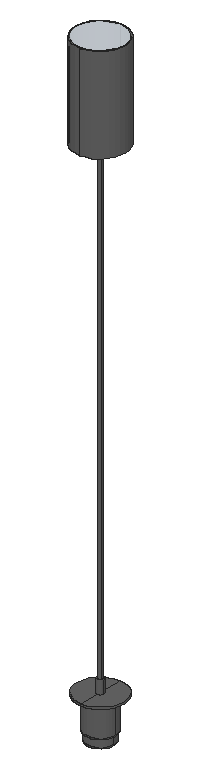
Revit family "LTC-6RDPH-CM", category Lighting Fixtures, host Face, Revit 2017
Family settings
  Host = Face
  Round Connector Dimension = Use Diameter
  Part Type = Normal
  OmniClass Number = 23.80.70.11.14.11
  OmniClass Title = Downlights
  Cut with Voids When Loaded = No
  Light Source = Yes
  Shared = No
  Room Calculation Point = No
Parameters (values of type "LTC-6RDPH-CMRMD")
  Wattage Comments = ""
  Wattage = 70 W
  Warranty = "• 5 year warranty\r\n• See HLI Standard Warranty for\r\nadditional information"  # constant formula
  built-in parameter 1150110 = 1 (stored number, unit not read)
  Voltage = 120 V
  built-in parameter 1114217 = 1 (stored number, unit not read)
  Tilt Angle = -90.00°  # constant formula
  built-in parameter 1150109 = 1 (stored number, unit not read)
  built-in parameter 1150134 = 3
  built-in parameter 1150113 = 1 (stored number, unit not read)
  RMD = yes
  Photometric Web File = "LTC-6RDPH-P-06L35K8MD-PM-S-BL.ies"
  Features = "• 6inch architectural LED downlight and wall wash cylinder delivering 600 - 2000 lm \r\n• Five beam distributions from 0.3 to 1.1 Spacing Criteria \r\n• Quiet reflector appearance with 50º optical cutoff\r\n• 2700K - 5000K, 80+ and 90+ CRI options \r\n• Available in Surface, Wall, Pendant, or Cable/Cord Mount configurations \r\n• Versatile canopy options for recessed and surface-mounted J-box applications \r\n• PowerHUBB™ enables low-voltage wired connectivity for Power over Ethernet (PoE) network system deployment\r\n"  # constant formula
  Cord Height = 72.000"
  built-in parameter 1150105 = 389.93 (stored number, unit not read)
  Lumens = 4900 lm
  built-in parameter 1150115 = 1 (stored number, unit not read)
  built-in parameter 1150137 = (empty or 0)
  built-in parameter 1150139 = (empty or 0)
  built-in parameter 1150112 = 1 (stored number, unit not read)
  built-in parameter 1150114 = 1 (stored number, unit not read)
  built-in parameter 1150132 = (empty or 0)
  built-in parameter 1150102 = (empty or 0)
  built-in parameter 1150107 = 3200 (stored number, unit not read)
  built-in parameter 1150138 = (empty or 0)
  built-in parameter 1150106 = 3.8993 (stored number, unit not read)
  Emit from Circle Diameter = 6.000"  # constant formula
  Emit Shape Visible in Rendering = no
  built-in parameter 1150104 = 6.5032 (stored number, unit not read)
  Dimming Lamp Color Temperature Shift = <None>
  Copyright = "© 2021 Prescolite, a division of Hubbell Lighting, Inc"  # constant formula
  Contact us = "https://www.hubbell.com/prescolite/en/contactUs"
  Color Filter = 16777215
  Certifications = "• cCSAus certified to UL 1598\r\n• Wall Mount: Suitable for wet locations\r\n• Surface & Pendant Mount: Suitable for wet\r\nlocations under covered ceiling\r\n• Cord Mount and all Wall Wash: Suitable for\r\ndamp locations"  # constant formula
  Canopy height = 0.260"
  Canopy Diameter = 7.000"
  CM = no
  built-in parameter 1114218 = 1 (stored number, unit not read)
  Ballast = Paint - Hubbell - Carbon Black
  URL = "https://www.hubbell.com/prescolite/en"
  Product Page URL = "https://www.hubbell.com/prescolite/en/Products/Lighting-Controls/Commercial-Indoor-Lighting/Cylinders/LITEISTRY-6-Round-Cylinder-wPowerHUBB/p/3775874"
  Product Documentation Link = "https://hubbellcdn.com/specsheet/LTC-6RDWPH%20PowerHUBB.pdf"
  Model = "LTC-6RDPH"  # constant formula
  Manufacturer = "Prescolite"  # constant formula
  Lamp = "LED Lamp"
  Reflector = Glass - Hubbell - Glass
  Description = "LITEISTRY™ 6inch Round Cylinder Downlight/Wall Wash"  # constant formula
  Default Elevation = 48.000"
  built-in parameter 1150133 = 10 (stored number, unit not read)
  Apparent Load = 72 VA  # constant formula
Types (4): name | RMD | Canopy height | Canopy Diameter | CM
  (no name) | yes | 0.260" | 7.000" | no
  LTC-6RDPH-CMRMD | yes | 0.260" | 7.000" | no
  LTC-6RDPH-CMPCC | no | 3.000" | 7.500" | no
  LTC-6RDPH-CMPC | no | 3.000" | 7.500" | yes
Reference planes (in)
  plane 1 "Center (Front/Back)": y = 0
  plane 2: z = 0
  plane 3 "Center (Left/Right)": x = 0
  plane 4: z = 72
  plane 5: z = 71.75
  plane 6: x = -1
  plane 7: x = 1
  plane 8: x = 3
  plane 9: x = -3
  plane 10: x = -2.75391
  plane 11: x = 2.75391
  plane 12: y = -3.5
  plane 13: y = 3.5
  plane 14: z = 0.26
  plane 15: z = 86
Forms (in)
  Revolve 1, solid, material "Paint - Hubbell - Carbon Black" <- "Ballast"
    sketch origin (0, 0, -5.91673) x (1, 0, 0) y (0, 0, 1)
      loop
        line (-0.5, 6.17673) -> (0, 6.17673) -> (0, 77.91673) -> (-0.38833, 77.91673) -> (-0.38833, 77.66673) -> (-0.25, 77.66673) -> (-0.25, 8.04387) -> (-0.5, 8.04387) -> (-0.5, 6.17673)
      axis (0, 77.91673) -> (0, 6.17673)
    angle from 0 to 360
  Revolve 2, solid, material "Paint - Hubbell - Carbon Black" <- "Ballast", visible <- "RMD"
    sketch origin (0, 0, 0) x (1, 0, 0) y (0, 0, 1)
      loop
        line (0, -6) -> (0, 0.00055) -> (-2.5, 0.00055) -> (-2.5, -0.43712)
        arc (-2.5, -0.43712) -> (-2.48175, -0.48119) -> (-2.43767, -0.49945) r 0.06233
        line (-2.43767, -0.49945) -> (-2.30081, -0.49945)
        arc (-2.30081, -0.49945) -> (-2.26488, -0.51433) -> (-2.25, -0.55026) r 0.05081
        line (-2.25, -0.55026) -> (-2.25, -4.55877)
        arc (-2.25, -4.55877) -> (-2.2306, -4.6056) -> (-2.18377, -4.625) r 0.06623
        line (-2.18377, -4.625) -> (-2.03463, -4.625)
        arc (-2.03463, -4.625) -> (-2.01014, -4.63514) -> (-2, -4.65963) r 0.03463
        line (-2, -4.65963) -> (-2, -5.88059)
        arc (-2, -5.88059) -> (-1.96503, -5.96503) -> (-1.88059, -6) r 0.11941
        line (-1.88059, -6) -> (0, -6)
      axis (0, 0.00055) -> (0, -6)
    angle from 0 to 360
  Revolve 3, solid, material "Paint - Hubbell - Carbon Black" <- "Ballast"
    sketch origin (0, 0, 0) x (0, 1, 0) y (0, 0, 1)
      loop
        line (0, 0) -> (0, 0.26) -> (-3.5, 0.26) -> (-3.5, 0) -> (0, 0)
      axis (0, 0.26) -> (0, 0)
    angle from 0 to 360
  Extrusion 4, solid, material "Paint - Hubbell - Carbon Black" <- "Ballast", visible <- "CM"
    sketch origin (7.83986, -180, 7.93836) x (-1, 0, 0) y (0, -1, 0)
      loop
        line (8.85023, -182.45) -> (9.86059, -180) -> (8.85023, -177.55) -> (6.8295, -177.55) -> (5.81914, -180) -> (6.8295, -182.45) -> (8.85023, -182.45)
    from -8.75868 to -7.93836
Dimensions and locks (in)
  "Cord Height": plane 4 to host face
  locked: plane 4 to plane 5 at 0.25
  plane 6 to plane 3 "Center (Left/Right)" to plane 7 = 1.000" locked, 1.000" locked
  host face to Revolve 2 sketch curve = 6.000"
  nested 1 to nested 1 = 7.33984"
  nested 1 to plane 4 = 14.000"
  "Canopy Diameter": plane 13 to plane 12
  equal spacing: plane 13, plane 1 "Center (Front/Back)", plane 12
  "Canopy height": plane 14 to plane 2
  locked: Revolve 1 sketch curve to Revolve 1 sketch curve at 1.86713
  locked: plane 15 to plane 4 at 14
  aligned and locked: plane 2 to host face
  aligned and locked: Revolve 1 sketch curve to plane 4
  aligned and locked: plane 5 to Revolve 1 sketch curve
  aligned and locked: plane 3 "Center (Left/Right)" to nested 1
  aligned and locked: nested 1 to plane 1 "Center (Front/Back)"
  aligned and locked: plane 3 "Center (Left/Right)" to imposter light
  aligned and locked: Revolve 3 sketch curve to plane 14
  aligned and locked: Revolve 3 sketch curve to plane 12
  aligned and locked: Revolve 3 sketch curve to plane 1 "Center (Front/Back)"
  aligned and locked: imposter light to plane 15
Automatic sketch dimensions
  host sketch curve to host sketch curve = 96.000"  (x2)
  Revolve 1 sketch curve to plane 3 "Center (Left/Right)" = 0.000"  (x2)
  Revolve 1 sketch curve to plane 3 "Center (Left/Right)" = 0.250"
  Revolve 1 sketch curve to Revolve 1 sketch curve = 0.13833"
  Revolve 1 sketch curve to Revolve 1 sketch curve = 0.250"
  Revolve 1 sketch curve to level = 13.75728"
  Revolve 1 sketch curve to Revolve 1 sketch curve = 7.74272"
  Revolve 2 sketch curve to plane 3 "Center (Left/Right)" = 0.000"  (x2)
  plane 10 to Revolve 2 sketch curve = 0.87332"
  Revolve 2 sketch curve to Revolve 2 sketch curve = 0.11941"
  Revolve 2 sketch curve to Revolve 2 sketch curve = 0.03463"
  Revolve 2 sketch curve to Revolve 2 sketch curve = 0.14914"
  Revolve 2 sketch curve to Revolve 2 sketch curve = 0.06623"
  Revolve 2 sketch curve to Revolve 2 sketch curve = 0.05081"
  Revolve 2 sketch curve to Revolve 2 sketch curve = 0.13687"
  level to Revolve 2 sketch curve = 0.00055"
  plane 10 to Revolve 2 sketch curve = 0.25391"
  Revolve 2 sketch curve to Revolve 2 sketch curve = 1.22096"
  Revolve 2 sketch curve to level = 0.55026"
  Revolve 2 sketch curve to Revolve 2 sketch curve = 17.63999"
  plane 4 to Revolve 2 sketch curve = 31.07883"
  Revolve 3 sketch curve to plane 1 "Center (Front/Back)" = 0.000"
  Revolve 3 sketch curve to level = 24.000"
  plane 4 to Revolve 3 sketch curve = 20.27586"
  Revolve 3 sketch curve to level = 0.000"
  Revolve 1 sketch curve to plane 14 = 0.000"
  plane 1 "Center (Front/Back)" to Extrusion 4 sketch curve = 0.000"  (x2)
  plane 7 to Extrusion 4 sketch curve = 1.02073"
  plane 7 to Extrusion 4 sketch curve = 0.01036"  (x2)
  Extrusion 4 sketch curve to plane 6 = 0.01036"  (x2)
  Extrusion 4 sketch curve to plane 6 = 1.02073"
  plane 13 to Extrusion 4 sketch curve = 1.050"
  Extrusion 4 sketch curve to plane 12 = 1.050"
Nested families (in)
  nested 1: "LTC" at (0, 0, 72) x (0, 1, 0) z (0, 0, 1), Ballast <- "Ballast", Reflector <- "Reflector", type "6"
    with Reflector Glass - Hubbell - Glass, Ballast Paint - Hubbell - Carbon Black
Connectors (in)
  electrical at (0, 0, 0), driven by "Description", driven by "Voltage", driven by "Apparent Load"
    settings: index 1, voltage 120 V, apparent load 72 VA, apparent load phase1 0 VA, apparent load phase2 0 VA, apparent load phase3 0 VA, power factor 1, load classification "Other", number of poles 1, system type 30, power factor state 1, is connector primary yes, connector utility no, sub classification motor no, connector description "LITEISTRY™ 6inch Round Cylinder Downlight/Wall Wash"
Definition of nested family "LTC"
  Parameters
    Width = 7.33984"
    Wattage Comments = ""
    Lamp = ""
    Ballast [instance] = none
    URL = ""
    Product Page URL = ""
    Product Documentation Link = ""
    Model = ""
    Manufacturer Phone = ""
    Manufacturer Fax = ""
    Manufacturer = "Prescolite"
    Reflector [instance] = none
    Description = ""
    Default Elevation = 48.000"
  Reference planes (in)
    plane 1 "Center (Front/Back)": y = 0
    plane 2: z = 0
    plane 3 "Center (Left/Right)": x = 0
    plane 4: y = 7.75
    plane 5: y = -7.75
    plane 6: x = -3.66992
    plane 7: x = 3.66992
    plane 8: z = 14
    plane 9: z = 0.125
    plane 10: x = 3.54492
    plane 11: z = 13.875
  Forms (in)
    Extrusion 1, solid
      sketch origin (0, 0, 0) x (1, 0, 0) y (0, 1, 0)
        loop
          line (-48, 48) -> (-48, -48) -> (48, -48) -> (48, 48) -> (-48, 48)
      from 0 to -6
    Extrusion 2, solid, material <- "Reflector"
      sketch origin (0, 0, 30.25) x (1, 0, 0) y (0, 1, 0)
        loop
          circle (0, 0) r 3.54492
      from -16.25 to -16.375
    Revolve 3, solid, material <- "Ballast"
      sketch origin (0, 0, -1.25) x (1, 0, 0) y (0, 0, 1)
        loop
          line (3.66992, 15.25) -> (3.54492, 15.25) -> (3.54492, 1.375) -> (0, 1.375) -> (0, 1.25) -> (3.66992, 1.25) -> (3.66992, 15.25)
        axis (0, 15.25) -> (0, 1.25)
      angle from 0 to 360
  Dimensions and locks (in)
    locked: plane 4 to plane 1 "Center (Front/Back)" at 7.75
    locked: plane 5 to plane 1 "Center (Front/Back)" at 7.75
    "Width": plane 7 to plane 6
    plane 8 to Extrusion 1 = 14.000"
    locked: plane 8 to plane 11 at 0.125
    locked: plane 7 to plane 10 at 0.125
    equal spacing: plane 7, plane 3 "Center (Left/Right)", plane 6
    locked: plane 9 to Extrusion 1 at 0.125
    aligned and locked: plane 2 to Extrusion 1
    aligned and locked: Revolve 3 sketch curve to plane 3 "Center (Left/Right)"
    aligned and locked: plane 8 to Revolve 3 sketch curve
    aligned and locked: plane 9 to Revolve 3 sketch curve
    aligned and locked: Revolve 3 to Extrusion 2
    aligned and locked: Extrusion 2 to plane 11
    aligned and locked: Extrusion 2 sketch curve to Revolve 3
    aligned and locked: Revolve 3 sketch curve to plane 10
    aligned and locked: Revolve 3 sketch curve to plane 7
  Automatic sketch dimensions
    Extrusion 1 sketch curve to Extrusion 1 sketch curve = 96.000"  (x2)
    Revolve 3 sketch curve to plane 3 "Center (Left/Right)" = 0.000"
    Revolve 3 sketch curve to level = 10.000"
    Revolve 3 sketch curve to Revolve 3 sketch curve = 8.000"
    Revolve 3 sketch curve to plane 9 = 0.125"
